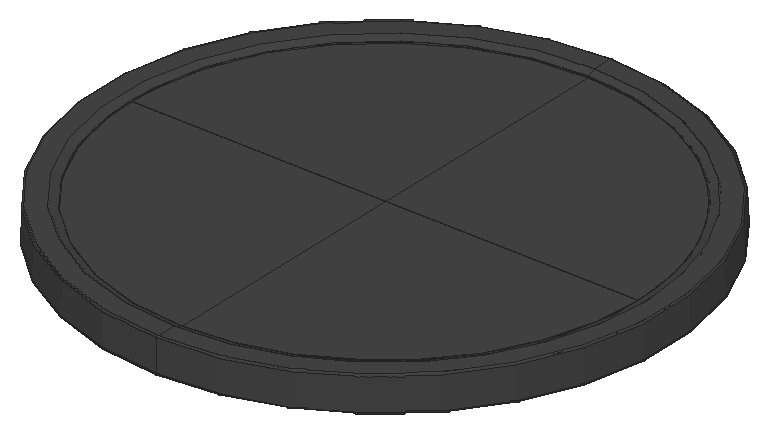
Revit family "AFX-Edge- LED_Flush_Mount", category Lighting Fixtures, host Face, Revit 2021
Family settings
  Host = Face
  Round Connector Dimension = Use Diameter
  Part Type = Normal
  Cut with Voids When Loaded = No
  Light Source = Yes
  Shared = No
  Room Calculation Point = No
Parameters (values of type "EGRF1625LAJD1BK")
  Wattage Comments = "25w"
  Wattage = 9.2903 W
  built-in parameter 1150110 = 1 (stored number, unit not read)
  Voltage = 120 V
  URL = "https://www.afxinc.com/"
  Type Comments = "Edge"  # constant formula
  built-in parameter 1114217 = 1 (stored number, unit not read)
  Tilt Angle = 90.00°
  built-in parameter 1150109 = 1 (stored number, unit not read)
  built-in parameter 1150134 = 3
  Sustainability = "https://lamprecycle.org/en/"
  built-in parameter 1150113 = 1 (stored number, unit not read)
  Revit Model Built By = "https://www.servex-us.com/servex-revit/"
  Product Documentation Link = "https://www.afxinc.com/products/productDetail.cfm?productID=1619"
  Power Factor = 1
  Photometric Web File = "EGRF1625LAJD1xx_IES.IES"
  Model = "EGRF1625LAJD1BK"
  Manufacturer = "AFX Inc"  # constant formula
  built-in parameter 1150105 = 109.82 (stored number, unit not read)
  Lumens = 1380 lm
  built-in parameter 1150115 = 1 (stored number, unit not read)
  built-in parameter 1150137 = (empty or 0)
  built-in parameter 1150139 = (empty or 0)
  built-in parameter 1150112 = 1 (stored number, unit not read)
  built-in parameter 1150114 = 1 (stored number, unit not read)
  Keynote = "12500"  # constant formula
  built-in parameter 1150132 = (empty or 0)
  built-in parameter 1150102 = (empty or 0)
  built-in parameter 1150107 = 3200 (stored number, unit not read)
  built-in parameter 1150138 = (empty or 0)
  built-in parameter 1150106 = 1.0982 (stored number, unit not read)
  Housing Finish = AFX - Paint Finish Black
  Emit from Circle Diameter = 13"
  Emit Shape Visible in Rendering = no
  built-in parameter 1150104 = 13.8 (stored number, unit not read)
  Dimming Lamp Color Temperature Shift = <None>
  Diffuser Finish = AFX - Acrylic
  Diameter = 15 5/8"
  Description = "Led Flush Mount - 16\" Dia x 15/16\"D"
  Depth = 15/16"
  Default Elevation = 48"
  Colour Rendering Index = "90"
  Color Filter = 16777215
  built-in parameter 1114218 = 1 (stored number, unit not read)
  built-in parameter 1150133 = 10 (stored number, unit not read)
  Assembly Code = "E2020200"
  Apparent Load = 0 VA
Types (3): name | Wattage Comments | Product Documentation Link | Model | Diameter | Description
  (no name) | "25w" | "https://www.afxinc.com/products/productDetail.cfm?productID=1619" | "EGRF1625LAJD1BK" | 15 5/8" | "Led Flush Mount - 16\" Dia x 15/16\"D"
  EGRF1625LAJD1BK | "25w" | "https://www.afxinc.com/products/productDetail.cfm?productID=1619" | "EGRF1625LAJD1BK" | 15 5/8" | "Led Flush Mount - 16\" Dia x 15/16\"D"
  EGRF2440LAJD1BK | "40w" | "https://www.afxinc.com/products/productDetail.cfm?productID=2111" | "EGRF2440LAJD1BK" | 23 5/8" | "Led Flush Mount - 24\" Dia x 15/16\"D"
Reference planes (in)
  plane 1 "Center (Front/Back)": y = 0
  plane 2: z = 0
  plane 3 "Center (Left/Right)": x = 0
  plane 4: z = 0.9375
  plane 5: x = -7.8125
  plane 6: x = 7.8125
  plane 7: y = 7.8125
  plane 8: y = -7.8125
  plane 9: z = 0.84707
  plane 10: z = 0.81545
Forms (in)
  Revolve 1, solid, material "AFX - Acrylic" <- "Diffuser Finish"
    sketch origin (0, 0, 0) x (1, 0, 0) y (0, 0, 1)
      loop
        line (6.98644, 0.84707) -> (0, 0.84707) -> (0, 0.81545) -> (6.98644, 0.81545) -> (6.98644, 0.84707)
      axis (0, 0.84707) -> (0, 0.8077)
    angle from 0 to 360
  Revolve 2, solid, material "AFX - Paint Finish Black" <- "Housing Finish"
    sketch origin (0, 0, 0) x (0, 1, 0) y (0, 0, 1)
      loop
        arc (7.78823, 0.89216) -> (7.77417, 0.92429) -> (7.74169, 0.9375) r 0.04655
        line (7.74169, 0.9375) -> (7.21695, 0.9375) -> (6.99313, 0.84707) -> (6.99313, 0.81545) -> (0, 0.81545) -> (0, 0) -> (7.64239, 0) -> (7.64239, 0.17717) -> (7.72945, 0.17717) -> (7.7335, 0.02219)
        arc (7.7335, 0.02219) -> (7.74037, 0.00646) -> (7.75627, 0) r 0.02279
        line (7.75627, 0) -> (7.78744, 0)
        arc (7.78744, 0) -> (7.80423, 0.00708) -> (7.81087, 0.02405) r 0.02344
        line (7.81087, 0.02405) -> (7.78823, 0.89216)
      axis (0, 0.9375) -> (0, 0)
    angle from 0 to 360
Lines and regions (in)
  symbolic lines
    curve 1: arc (0, -7.74169, 0) -> (-7.74169, 0, 0) -> (0, 7.74169, 0) r 7.74169
    curve 2: arc (0, 7.74169, 0) -> (7.74169, 0, 0) -> (0, -7.74169, 0) r 7.74169
  symbolic lines, style "LightingFixturesHiddenLines"
    curve 3: arc (0, 6.99313, 0) -> (-6.99313, 0, 0) -> (0, -6.99313, 0) r 6.99313
    curve 4: arc (0, -6.99313, 0) -> (6.99313, 0, 0) -> (0, 6.99313, 0) r 6.99313
Dimensions and locks (in)
  "Depth": plane 4 to plane 2
  equal spacing: plane 5, plane 3 "Center (Left/Right)", plane 6
  "Diameter": plane 5 to plane 6
  equal spacing: plane 8, plane 1 "Center (Front/Back)", plane 7
  "Diameter": plane 8 to plane 7
  plane 7 to Revolve 2 sketch curve to Revolve 2 sketch curve = 0.02506" locked, 0.03117" locked
  plane 7 to Revolve 2 sketch curve to Revolve 2 sketch curve = 0.59555" locked, 0.22383" locked
  locked: plane 6 to Revolve 1 sketch curve at 0.82606
  locked: plane 7 to Revolve 2 sketch curve at 0.07081
  locked: plane 2 to Revolve 2 sketch curve at 0.17717
  aligned and locked: plane 2 to host face
  aligned and locked: level to host face
  aligned and locked: Revolve 1 sketch curve to plane 3 "Center (Left/Right)"  (x2)
  aligned and locked: plane 3 "Center (Left/Right)" to Revolve 1 sketch curve
  aligned and locked: plane 3 "Center (Left/Right)" to imposter light
  aligned and locked: imposter light to plane 9
  aligned and locked: plane 1 "Center (Front/Back)" to imposter light
  aligned and locked: Revolve 2 sketch curve to plane 1 "Center (Front/Back)"  (x2)
  aligned and locked: plane 10 to Revolve 1
  aligned and locked: plane 9 to Revolve 1
  aligned and locked: plane 2 to Revolve 2 sketch curve
  aligned and locked: Revolve 2 sketch curve to plane 2
  aligned and locked: Revolve 2 sketch curve to plane 10
  aligned and locked: plane 9 to Revolve 1 sketch curve
  aligned and locked: Revolve 1 sketch curve to plane 10
  aligned and locked: curve 1 to Revolve 2
  aligned and locked: curve 2 to Revolve 2
  aligned and locked: curve 3 to Revolve 2
  aligned and locked: curve 4 to Revolve 2
Automatic sketch dimensions
  host sketch curve to host sketch curve = 96"  (x2)
  Revolve 1 sketch curve to plane 10 = 0.23977"
  plane 4 to Revolve 1 sketch curve = 0.09636"
  Revolve 2 sketch curve to plane 4 = 0"
  Revolve 2 sketch curve to plane 9 = 0"
  Revolve 2 sketch curve to Revolve 2 sketch curve = 0.11388"
  level to Revolve 2 sketch curve = 0.02219"
  Revolve 2 sketch curve to Revolve 2 sketch curve = 0.02278"
  Revolve 2 sketch curve to plane 7 = 0.00163"
  Revolve 2 sketch curve to Revolve 2 sketch curve = 0.00061"
  Revolve 2 sketch curve to Revolve 2 sketch curve = 2 1/16"
  plane 4 to Revolve 2 sketch curve = 1 1/4"
Connectors (in)
  electrical at (0, 0, 0), driven by "Voltage", driven by "Apparent Load", driven by "Power Factor"
    settings: on Revolve 2, index 1, voltage 120 V, apparent load 0 VA, apparent load phase1 0 VA, apparent load phase2 0 VA, apparent load phase3 0 VA, power factor 1, load classification "Lighting", number of poles 1, system type 31, power factor state 1, is connector primary yes, connector utility no, sub classification motor no, connector description ""
